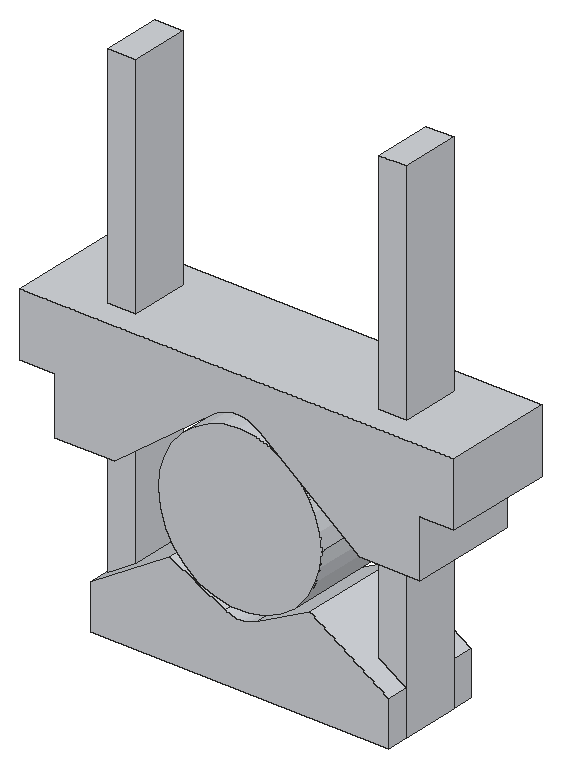
Revit family
Parameters (values of type "3/4" CTS")
  URL = "www.siouxchief.com"
  Model = "550-11"
  Manufacturer = "Sioux Chief Manufacturing"
  Keynote = "Touchdown Clamp"
  Description = "3/4\" CTS"
Reference planes (in)
  plane 1 "Center (Front/Back)": y = 0
  plane 2: z = 0
  plane 3 "Center (Left/Right)": x = 0
Forms (in)
  Extrusion 1, solid
    sketch origin (-0.687, 0.23525, 0) x (0, 0, 1) y (-1, 0, 0)
      loop
        line (0, 0) -> (0, -1.374) -> (0.20279, -1.374) -> (0.43606, -1.00854) -> (0.3064, -0.759)
        arc (0.3064, -0.759) -> (0.28881, -0.687) -> (0.3064, -0.615) r 0.15615
        line (0.3064, -0.615) -> (0.43606, -0.36546) -> (0.20279, 0) -> (0, 0)
    from 0 to 0.4705
  Extrusion 2, solid
    sketch origin (0, 0, 0) x (1, 0, 0) y (0, 1, 0)
      loop
        line (-0.687, 0.13525) -> (-0.687, -0.13525) -> (-0.562, -0.13525) -> (-0.562, 0.13525) -> (-0.687, 0.13525)
    from 0 to 2.36
  Extrusion 3, solid
    sketch origin (0, 0, 0) x (-1, 0, 0) y (0, -1, 0)
      loop
        line (-0.687, -0.13525) -> (-0.562, -0.13525) -> (-0.562, 0.13525) -> (-0.687, 0.13525) -> (-0.687, -0.13525)
    from 0 to 2.36
  Extrusion 4, solid
    sketch origin (-1, 0.251, -1.6875) x (0, 0, 1) y (-1, 0, 0)
      loop
        line (3, 0) -> (2.7052, 0) -> (2.7052, -0.1576) -> (2.4402, -0.1576) -> (2.4402, -0.437) -> (2.79546, -0.89417)
        arc (2.79546, -0.89417) -> (2.83175, -1) -> (2.79546, -1.10583) r 0.17247
        line (2.79546, -1.10583) -> (2.4402, -1.563) -> (2.4402, -1.8424) -> (2.7052, -1.8424) -> (2.7052, -2) -> (3, -2) -> (3, 0)
    from 0 to 0.502
  Extrusion 5, solid
    sketch origin (0, -0.211, 0.15234) x (0, 0, 1) y (-1, 0, 0)
      loop
        circle (0.55053, 0) r 0.375
    from -0.44625 to 0.02425
Dimensions and locks (in)
  locked: Extrusion 4 to Extrusion 1 at 1.3125
  aligned and locked: plane 2 to level
  aligned and locked: Extrusion 1 to Extrusion 5  (x2)
Connectors (in)
  piping at (0, -0.23525, 0.70287)
    settings: on Extrusion 5, index 1, connector radius 0.38", flow factor 0, pipe flow 0 GPM, pressure drop 0.00 psi, fitting loss kfactor 0, connector angle 0.00°, fixture units 0, flow configuration 0, flow direction 0, fitting loss method 0, system type 22, connector reference index -1, connector utility 0, adjustable connector no, is connector primary yes, fitting loss table "", connector description ""
  piping at (0, 0.23525, 0.70287)
    settings: on Extrusion 5, index 2, connector radius 0.38", flow factor 0, pipe flow 0 GPM, pressure drop 0.00 psi, fitting loss kfactor 0, connector angle 0.00°, fixture units 0, flow configuration 0, flow direction 0, fitting loss method 0, system type 22, connector reference index -1, connector utility 0, adjustable connector no, is connector primary no, fitting loss table "", connector description ""
